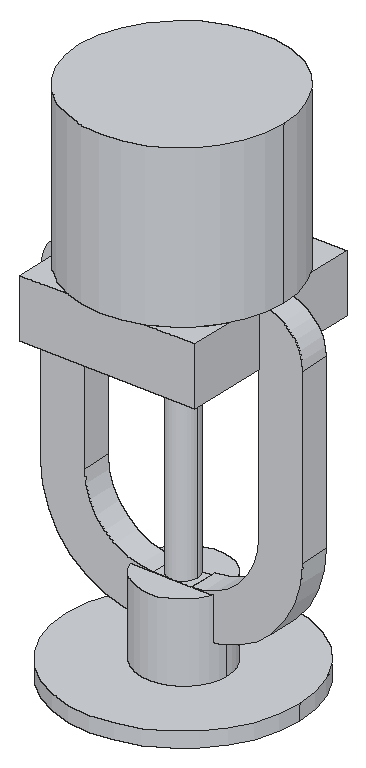
Revit family
Parameters (values of type "RASCO F1FR56-300 PENDENT")
  Temperature Rating = 286 °F
  Response = 1
  RASCO SIN # = "RA2614"
  RASCO Part # = "F1FR56P3C3"
  Pressure Rating = "300 PSI"
  Pressure Class = 1
  Orifice Size = 1/2"
  Orifice = (empty or 0)
  Model = "F1FR56-300"
  Manufacturer = "RASCO"
  K-Factor = 5.6
  Description = "Chrome Finish"
  Coverage = (empty or 0)
Reference planes (in)
  plane 1 "Center (Front/Back)": y = 0
  plane 2: z = 0
  plane 3 "Center (Left/Right)": x = 0
Dimensions and locks (in)
  aligned and locked: plane 2 to level
Nested families (in)
  nested 1: "F1FR56P3C3" at (-0.0113, 0, 2.4375) x (-1, 0, 0) z (0, 0, -1), type "RASCO F1FR56-300 PENDENT"
Connectors (in)
  piping at (-0.0113, 0, 2.4375)
    settings: on nested 1, index 1, connector radius 115/256", flow factor 0, pipe flow 0 GPM, pressure drop 0.00 psi, fitting loss kfactor 0, connector angle 0.00°, fixture units 0, flow configuration 0, flow direction 0, fitting loss method 0, system type 7, connector reference index -1, connector utility 0, adjustable connector no, is connector primary yes, fitting loss table "", connector description ""
Definition of nested family "F1FR56P3C3"
  Parameters (values of type "RASCO F1FR56-300 PENDENT")
    Type Comments = ""
    Temperature Rating = 0 °F
    Response = (empty or 0)
    Pressure Rating = "0"
    Pressure Class = (empty or 0)
    Orifice Size = 0"
    Orifice = (empty or 0)
    Model = ""
    Manufacturer = ""
    K-Factor = 0
    Description = ""
    Coverage = (empty or 0)
    Assembly Code = ""
  Reference planes (in)
    plane 1 "Center (Front/Back)": y = 0
    plane 2: z = 0
    plane 3 "ref.2": z = 0.6875
    plane 4 "ref.3": z = 0.9375
    plane 5: x = -0.38065
    plane 6: x = 0.36935
    plane 7 "ref. side 1": y = 0.06402
    plane 8 "ref. side 2": y = -0.06098
    plane 9 "ref.4": z = 1.875
    plane 10 "ref.5": z = 2.3125
    plane 11 "ref.6": z = 2.4375
  Forms (in)
    Extrusion 1, solid
      sketch origin (0, 0, 0) x (1, 0, 0) y (0, 1, 0)
        loop
          circle (0, 0) r 0.4379
      from 0 to 0.6875
    Extrusion 2, solid
      sketch origin (-0.12185, 0.05177, 0.6875) x (1, 0, 0) y (0, 1, 0)
        loop
          line (-0.2588, 0.356) -> (-0.2588, -0.4565) -> (0.4912, -0.4565) -> (0.4912, 0.356) -> (-0.2588, 0.356)
      from 0 to 0.25
    Extrusion 3, solid
      sketch origin (0, 0, 0) x (1, 0, 0) y (0, 0, 1)
        loop
          line (-0.38065, 0.68754) -> (-0.38065, 1.58397)
          arc (-0.38065, 1.58397) -> (-0.29541, 1.78976) -> (-0.08962, 1.875) r 0.29103
          line (-0.08962, 1.875) -> (0.07524, 1.875)
          arc (0.07524, 1.875) -> (0.28321, 1.78886) -> (0.36935, 1.58089) r 0.29411
          line (0.36935, 1.58089) -> (0.36935, 0.68751)
          arc (0.36935, 0.68751) -> (0.50207, 0.74393) -> (0.55685, 0.87734) r 0.18984
          line (0.55685, 0.87734) -> (0.55685, 1.61676)
          arc (0.55685, 1.61676) -> (0.42629, 1.93194) -> (0.11111, 2.0625) r 0.44574
          line (0.11111, 2.0625) -> (-0.12259, 2.0625)
          arc (-0.12259, 2.0625) -> (-0.43765, 1.932) -> (-0.56815, 1.61694) r 0.44556
          line (-0.56815, 1.61694) -> (-0.56815, 0.87876)
          arc (-0.56815, 0.87876) -> (-0.51345, 0.74486) -> (-0.38065, 0.68754) r 0.19126
      from -0.06402 to 0.06098
    Extrusion 4, solid
      sketch origin (0, 0, 0.9375) x (-1, 0, 0) y (0, -1, 0)
        loop
          circle (0.00574, -0.00152) r 0.0625
      from 0 to 0.9375
    Extrusion 5, solid
      sketch origin (0, 0, 1.875) x (-1, 0, 0) y (0, -1, 0)
        loop
          circle (0.00574, -0.00152) r 0.1875
      from 0 to 0.4375
    Extrusion 6, solid
      sketch origin (0, 0, 2.3125) x (0, -1, 0) y (1, 0, 0)
        loop
          circle (-0.00152, -0.00574) r 0.5
      from -0.10531 to -0.03987
  Cuts and joins
    joined: Extrusion 1, Extrusion 2, Extrusion 4
  Lines and regions (in)
    model lines
      curve 1: line (-0.00574, 0.06402, 1.875) -> (-0.00574, -0.06098, 1.875)
